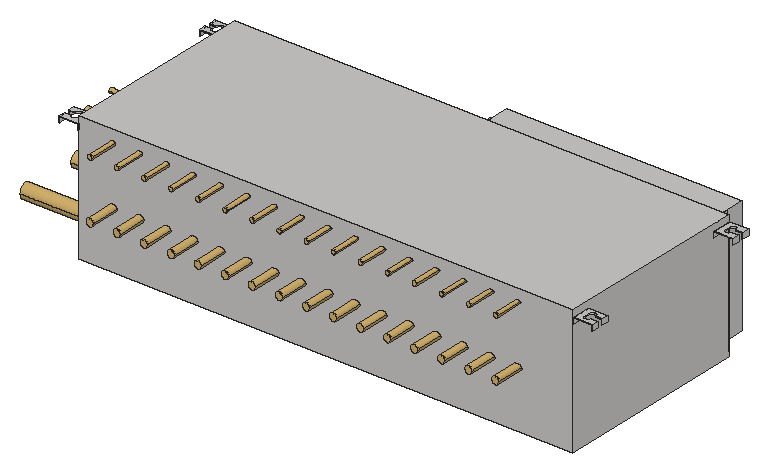
Revit family
Parameters (values of type "CMB-P1016NU-HB")
  Width = 1098.6 mm
  Subcategory = "HVAC"  # constant formula
  Specification URL = "http://www.mrslim.com/customerCare/resources.asp"
  Single Branch Max Capacity (BTUH) = "54000"
  Refrigerant Sub BC Controller ≤ 72,000 Btu/h Low Pressure Pipe = "3/4\" brazed"
  Refrigerant Sub BC Controller ≤ 72,000 Btu/h Liquid Pipe = "3/8\" brazed"
  Refrigerant Sub BC Controller ≤ 72,000 Btu/h High Pressure Pipe = "5/8\" brazed"
  Refrigerant Sub BC Controller between 73,000 and 108,000 Btu/h Low Pressure Pipe = "7/8\" brazed"
  Refrigerant Sub BC Controller between 73,000 and 108,000 Btu/h Liquid Pipe = "3/8\" brazed"
  Refrigerant Sub BC Controller between 73,000 and 108,000 Btu/h High Pressure Pipe = "3/4\" brazed"
  Refrigerant Sub BC Controller between 109,000 and 126,000 Btu/h Low Pressure Pipe = "1-1/8\" brazed"
  Refrigerant Sub BC Controller between 109,000 and 126,000 Btu/h Liquid Pipe = "1/2\" brazed"
  Refrigerant Sub BC Controller between 109,000 and 126,000 Btu/h High Pressure Pipe = "3/4\" brazed"
  Refrigerant Indoor Unit Liquid Pipe = "3/8\" flare"
  Refrigerant Indoor Unit Gas Pipe = "5/8\" flare"
  Max Connected Capacity (BTUH) = "126000"
  Manufacturer URL = "http://www.mrslim.com/customerCare/resources.asp"
  Installation URL = "http://www.mrslim.com/customerCare/resources.asp"
  External Finish = Galvanized Steel Plate
  SmartBIM Object Version = 3  # constant formula
  SmartBIM Object Created By = "Reed Construction Data"  # constant formula
  Refrigerant = "R410A"  # constant formula
  Power Source = "208/230, 1, 60"  # constant formula
  Power Input Heating = "0.157 kW/h"
  Power Input Cooling = "0.314 kW/h"
  Number of Ports = 16
  Unit Weight (LBS) = "136"
  Model = "CMB-P1016NU-HB"
  MCA = "1.89/1.71"
  MOCP = "15 A"
  Manufacturer = "Mitsubishi Electric"  # constant formula
  Joint Pipe Adapter (Port connector)(OPtion1) = "CMY-R160-J"  # constant formula
  Height = 284.2 mm
  Drainpipe Radius = Drainpipe Diameter / 2  # 15.9 mm
  Drainpipe Outdoor = "1-1/4\" "
  Drainpipe Diameter = 31.8 mm
  Description = "Branch Circuit Controller"  # constant formula
  Depth = 433.4 mm
  Default Elevation = 1219.2 mm
  Current Heating (208/230) = "0.59 /0.69 A"
  Current Cooling (208/230) = "1.17 /1.37 A"
  Pipe = Cold Brass
  Sub BC Controller Low Pressure Pipe Radius = Sub BC Controller Low Pressure Pipe Diameter / 2  # 9.55 mm
  Sub BC Controller Low Pressure Pipe Diameter = 19.1 mm
  Sub BC Controller Liquid Pipe Radius = Sub BC Controller Controller Liquid Pipe Diameter / 2  # 4.75 mm
  Sub BC Controller Controller Liquid Pipe Diameter = 9.5 mm
  Sub BC Controller High Pressure Pipe Radius = Sub BC Controller High Pressure Pipe Diameter / 2  # 7.95 mm
  Sub BC Controller High Pressure Pipe Diameter = 15.9 mm
  Indoor Unit Gas Pipe Radius = Indoor Unit Gas Pipe Diameter / 2  # 7.95 mm
  Indoor Unit Liquid Pipe Radius = Indoor Unit Liquid Pipe Diameter / 2  # 4.75 mm
  Indoor Unit Liquid Pipe Diameter = 9.5 mm
  Indoor Unit Gas Pipe Diameter = 15.9 mm
  Condensate Pump(Option3) = "SI1730-230"  # constant formula
  Branches = no
  Branch Joint (T-Branch)(Option2) = "CMY-102S-G"  # constant formula
  Assembly Code = "D3050200"
  95 CSI = "15760"  # constant formula
  04 CSI = "23 60 00"  # constant formula
Types (3, lengths in mm): name | Width | Refrigerant Sub BC Controller ≤ 72,000 Btu/h Liquid Pipe | Refrigerant Sub BC Controller ≤ 72,000 Btu/h High Pressure Pipe | Refrigerant Sub BC Controller between 109,000 and 126,000 Btu/h Liquid Pipe | Refrigerant Sub BC Controller between 109,000 and 126,000 Btu/h High Pressure Pipe | Refrigerant Indoor Unit Gas Pipe | Power Input Heating | Power Input Cooling | Number of Ports | Unit Weight (LBS) | Model | MCA | Height | Depth | Current Heating (208/230) | Current Cooling (208/230) | Branches
  CMB-P104NU-GB | 648.5 | "3/8\" brazed" | "5/8\" brazed" | "1/2\"  brazed" | "3/4\"  brazed" | "5/8\" flare" | "0.027 kW/h" | "0.053 kW/h" | 4 | "62" | "CMB-P104NU-GB" | "0.33/0.30" | 289.7 | 432.6 | "0.13 / 0.12 A" | "0.25 / 0.23 A" | yes
  CMB-P108NU-GB | 648.5 | "3/8\"  brazed" | "5/8\"  brazed" | "1/2\"  brazed" | "3/4\"  brazed" | "5/8\"  flare" | "0.053 kW/h" | "0.106 kW/h" | 8 | "82" | "CMB-P108NU-GB" | ".0.79 A" | 289.7 | 432.6 | "0.25 / 0.23 A" | "0.51 / 0.46 A" | no
  CMB-P1016NU-HB | 1098.6 | "3/8\" brazed" | "5/8\" brazed" | "1/2\" brazed" | "3/4\" brazed" | "5/8\" flare" | "0.157 kW/h" | "0.314 kW/h" | 16 | "136" | "CMB-P1016NU-HB" | "1.89/1.71" | 284.2 | 433.4 | "0.59 /0.69 A" | "1.17 /1.37 A" | no
Reference planes
  plane 1 "Center (Front/Back)": y = 83.043
  plane 2: z = 0
  plane 3 "Center (Left/Right)": x = 79.729
  plane 4: x = -469.571
  plane 5: x = 629.029
  plane 6: y = 299.743
  plane 7: y = -133.657
  plane 8: z = 284.2
  plane 9: z = 281.025
  plane 10: z = 3.175
  plane 11: x = -393.571
  plane 12: z = 257.2
  plane 13: x = -333.571
  plane 14: z = 127.2
  plane 15: y = 35.343
  plane 16: z = 239.2
  plane 17: y = -30.657
  plane 18: z = 226.2
  plane 19: y = 114.343
  plane 20: z = 156.2
  plane 21: y = -17.657
  plane 22: y = 110.343
  plane 23: y = 369.743
  plane 24: y = 306.093
  plane 25: x = 603.629
  plane 26: z = 271.5
  plane 27: z = 12.7
  plane 28: y = -197.657
  plane 29: z = 21.25
  plane 30: x = -669.571
  plane 31: x = -533.571
  plane 32: x = -273.571
  plane 33: x = -213.571
  plane 34: x = -153.571
  plane 35: x = -93.571
  plane 36: x = -33.571
  plane 37: x = 26.429
  plane 38: y = 549.743
  plane 39: y = 999.743
  plane 40: x = 429.029
  plane 41: x = -20.971
Forms (mm)
  Extrusion 1, solid, material "Galvanized Steel Plate" <- "External Finish"
    sketch origin (0, 0, 0) x (1, 0, 0) y (0, 1, 0)
      loop
        line (-469.571, 299.743) -> (-469.571, -133.657) -> (629.029, -133.657) -> (629.029, 299.743) -> (-469.571, 299.743)
      loop
        line (-466.396, 296.568) -> (-466.396, -130.482) -> (625.854, -130.482) -> (625.854, 296.568) -> (-466.396, 296.568)
    from 0 to 284.2
  Extrusion 2, solid, material "Galvanized Steel Plate" <- "External Finish"
    sketch origin (0, 0, 0) x (1, 0, 0) y (0, 1, 0)
      loop
        line (-469.571, 299.743) -> (-469.571, -133.657) -> (629.029, -133.657) -> (629.029, 299.743) -> (-469.571, 299.743)
    from 281.025 to 284.2
  Extrusion 3, solid, material "Galvanized Steel Plate" <- "External Finish"
    sketch origin (0, 0, 0) x (1, 0, 0) y (0, 1, 0)
      loop
        line (629.029, 299.743) -> (-469.571, 299.743) -> (-469.571, -133.657) -> (629.029, -133.657) -> (629.029, 299.743)
    from 0 to 3.175
  Extrusion 4, solid, material "Galvanized Steel Plate" <- "External Finish"
    sketch origin (0, 0, 0) x (1, 0, 0) y (0, 1, 0)
      loop
        line (79.729, 369.743) -> (79.729, 306.093) -> (603.629, 306.093) -> (603.629, 369.743) -> (79.729, 369.743)
    from 12.7 to 271.5
  Extrusion 5, solid, material "Galvanized Steel Plate" <- "External Finish"
    sketch origin (0, 0, 0) x (1, 0, 0) y (0, 1, 0)
      loop
        line (79.729, 325.143) -> (78.141, 325.143) -> (78.141, 301.331) -> (54.329, 301.331) -> (54.329, 299.743) -> (79.729, 299.743) -> (79.729, 325.143)
      loop
        line (603.629, 325.143) -> (603.629, 299.743) -> (629.029, 299.743) -> (629.029, 301.331) -> (605.217, 301.331) -> (605.217, 325.143) -> (603.629, 325.143)
    from 12.7 to 271.5
  Extrusion 6, solid, material "Cold Brass" <- "Pipe"
    sketch origin (-244.353, -97.963, -5.662) x (1, 0, 0) y (0, 0, 1)
      loop
        circle (-149.525, 132.862) r 7.95
    from 35.694 to 99.694
  Extrusion 7, solid, material "Cold Brass" <- "Pipe"
    sketch origin (-244.202, -97.963, 0.2) x (1, 0, 0) y (0, 0, 1)
      loop
        circle (-149.525, 257) r 4.75
    from 35.694 to 99.694
  Extrusion 8, solid, material "Cold Brass" <- "Pipe"
    sketch origin (-469.571, 299.743, 0) x (0, -1, 0) y (0, 0, 1)
      loop
        circle (330.4, 21.25) r 15.9
    from 0 to 200
  Extrusion 9, solid, material "Cold Brass" <- "Pipe"
    sketch origin (-469.571, 444.743, 0) x (0, -1, 0) y (0, 0, 1)
      loop
        circle (334.4, 21.25) r 15.9
    from 0 to 200
  Extrusion 10, solid, material "Cold Brass" <- "Pipe"
    sketch origin (79.729, 0, 0) x (0, 1, 0) y (0, 0, 1)
      loop
        circle (114.343, 156.2) r 7.95
    from -613.3 to -549.3
  Extrusion 11, solid, material "Cold Brass" <- "Pipe"
    sketch origin (79.729, 0, 0) x (0, 1, 0) y (0, 0, 1)
      loop
        circle (35.343, 239.2) r 4.75
    from -613.3 to -549.3
  Extrusion 12, solid, material "Cold Brass" <- "Pipe"
    sketch origin (79.729, 0, 0) x (0, 1, 0) y (0, 0, 1)
      loop
        circle (-30.657, 226.2) r 9.55
    from -613.3 to -549.3
  Extrusion 13, solid, material "Cold Brass" <- "Pipe"
    sketch origin (-184.202, -97.706, 0.2) x (1, 0, 0) y (0, 0, 1)
      loop
        circle (-149.525, 257) r 4.75
    from 35.694 to 99.694
  Extrusion 14, solid, material "Cold Brass" <- "Pipe"
    sketch origin (-124.202, -97.448, 0.2) x (1, 0, 0) y (0, 0, 1)
      loop
        circle (-149.525, 257) r 4.75
    from 35.694 to 99.694
  Extrusion 15, solid, material "Cold Brass" <- "Pipe"
    sketch origin (-64.202, -97.19, 0.2) x (1, 0, 0) y (0, 0, 1)
      loop
        circle (-149.525, 257) r 4.75
    from 35.694 to 99.694
  Extrusion 16, solid, material "Cold Brass" <- "Pipe"
    sketch origin (-184.353, -97.736, -5.662) x (1, 0, 0) y (0, 0, 1)
      loop
        circle (-149.525, 132.862) r 7.95
    from 35.694 to 99.694
  Extrusion 17, solid, material "Cold Brass" <- "Pipe"
    sketch origin (-124.353, -97.509, -5.662) x (1, 0, 0) y (0, 0, 1)
      loop
        circle (-149.525, 132.862) r 7.95
    from 35.694 to 99.694
  Extrusion 18, solid, material "Cold Brass" <- "Pipe"
    sketch origin (-64.353, -97.281, -5.662) x (1, 0, 0) y (0, 0, 1)
      loop
        circle (-149.525, 132.862) r 7.95
    from 35.694 to 99.694
  Extrusion 19, solid, material "Cold Brass" <- "Pipe"
    sketch origin (-4.202, -96.933, 0.2) x (1, 0, 0) y (0, 0, 1)
      loop
        circle (-149.525, 257) r 4.75
    from 35.694 to 99.694
  Extrusion 20, solid, material "Cold Brass" <- "Pipe"
    sketch origin (55.798, -96.675, 0.2) x (1, 0, 0) y (0, 0, 1)
      loop
        circle (-149.525, 257) r 4.75
    from 35.694 to 99.694
  Extrusion 21, solid, material "Cold Brass" <- "Pipe"
    sketch origin (115.798, -96.417, 0.2) x (1, 0, 0) y (0, 0, 1)
      loop
        circle (-149.525, 257) r 4.75
    from 35.694 to 99.694
  Extrusion 22, solid, material "Cold Brass" <- "Pipe"
    sketch origin (175.798, -96.16, 0.2) x (1, 0, 0) y (0, 0, 1)
      loop
        circle (-149.525, 257) r 4.75
    from 35.694 to 99.694
  Extrusion 23, solid, material "Cold Brass" <- "Pipe"
    sketch origin (-4.353, -97.054, -5.662) x (1, 0, 0) y (0, 0, 1)
      loop
        circle (-149.525, 132.862) r 7.95
    from 35.694 to 99.694
  Extrusion 24, solid, material "Cold Brass" <- "Pipe"
    sketch origin (55.647, -96.826, -5.662) x (1, 0, 0) y (0, 0, 1)
      loop
        circle (-149.525, 132.862) r 7.95
    from 35.694 to 99.694
  Extrusion 25, solid, material "Cold Brass" <- "Pipe"
    sketch origin (115.647, -96.599, -5.662) x (1, 0, 0) y (0, 0, 1)
      loop
        circle (-149.525, 132.862) r 7.95
    from 35.694 to 99.694
  Extrusion 26, solid, material "Cold Brass" <- "Pipe"
    sketch origin (175.647, -96.371, -5.662) x (1, 0, 0) y (0, 0, 1)
      loop
        circle (-149.525, 132.862) r 7.95
    from 35.694 to 99.694
  Extrusion 27, solid, material "Cold Brass" <- "Pipe"
    sketch origin (235.798, -95.902, 0.2) x (1, 0, 0) y (0, 0, 1)
      loop
        circle (-149.525, 257) r 4.75
    from 35.694 to 99.694
  Extrusion 28, solid, material "Cold Brass" <- "Pipe"
    sketch origin (295.798, -95.644, 0.2) x (1, 0, 0) y (0, 0, 1)
      loop
        circle (-149.525, 257) r 4.75
    from 35.694 to 99.694
  Extrusion 29, solid, material "Cold Brass" <- "Pipe"
    sketch origin (355.798, -95.387, 0.2) x (1, 0, 0) y (0, 0, 1)
      loop
        circle (-149.525, 257) r 4.75
    from 35.694 to 99.694
  Extrusion 30, solid, material "Cold Brass" <- "Pipe"
    sketch origin (415.798, -95.129, 0.2) x (1, 0, 0) y (0, 0, 1)
      loop
        circle (-149.525, 257) r 4.75
    from 35.694 to 99.694
  Extrusion 31, solid, material "Cold Brass" <- "Pipe"
    sketch origin (475.798, -94.871, 0.2) x (1, 0, 0) y (0, 0, 1)
      loop
        circle (-149.525, 257) r 4.75
    from 35.694 to 99.694
  Extrusion 32, solid, material "Cold Brass" <- "Pipe"
    sketch origin (535.798, -94.614, 0.2) x (1, 0, 0) y (0, 0, 1)
      loop
        circle (-149.525, 257) r 4.75
    from 35.694 to 99.694
  Extrusion 33, solid, material "Cold Brass" <- "Pipe"
    sketch origin (595.798, -94.356, 0.2) x (1, 0, 0) y (0, 0, 1)
      loop
        circle (-149.525, 257) r 4.75
    from 35.694 to 99.694
  Extrusion 34, solid, material "Cold Brass" <- "Pipe"
    sketch origin (655.798, -94.098, 0.2) x (1, 0, 0) y (0, 0, 1)
      loop
        circle (-149.525, 257) r 4.75
    from 35.694 to 99.694
  Extrusion 35, solid, material "Cold Brass" <- "Pipe"
    sketch origin (235.647, -96.144, -5.662) x (1, 0, 0) y (0, 0, 1)
      loop
        circle (-149.525, 132.862) r 7.95
    from 35.694 to 99.694
  Extrusion 36, solid, material "Cold Brass" <- "Pipe"
    sketch origin (295.647, -95.916, -5.662) x (1, 0, 0) y (0, 0, 1)
      loop
        circle (-149.525, 132.862) r 7.95
    from 35.694 to 99.694
  Extrusion 37, solid, material "Cold Brass" <- "Pipe"
    sketch origin (355.647, -95.689, -5.662) x (1, 0, 0) y (0, 0, 1)
      loop
        circle (-149.525, 132.862) r 7.95
    from 35.694 to 99.694
  Extrusion 38, solid, material "Cold Brass" <- "Pipe"
    sketch origin (415.647, -95.462, -5.662) x (1, 0, 0) y (0, 0, 1)
      loop
        circle (-149.525, 132.862) r 7.95
    from 35.694 to 99.694
  Extrusion 39, solid, material "Cold Brass" <- "Pipe"
    sketch origin (475.647, -95.234, -5.662) x (1, 0, 0) y (0, 0, 1)
      loop
        circle (-149.525, 132.862) r 7.95
    from 35.694 to 99.694
  Extrusion 40, solid, material "Cold Brass" <- "Pipe"
    sketch origin (535.647, -95.007, -5.662) x (1, 0, 0) y (0, 0, 1)
      loop
        circle (-149.525, 132.862) r 7.95
    from 35.694 to 99.694
  Extrusion 41, solid, material "Cold Brass" <- "Pipe"
    sketch origin (595.647, -94.779, -5.662) x (1, 0, 0) y (0, 0, 1)
      loop
        circle (-149.525, 132.862) r 7.95
    from 35.694 to 99.694
  Extrusion 42, solid, material "Cold Brass" <- "Pipe"
    sketch origin (655.647, -94.552, -5.662) x (1, 0, 0) y (0, 0, 1)
      loop
        circle (-149.525, 132.862) r 7.95
    from 35.694 to 99.694
Cuts and joins
  joined: Extrusion 1, Extrusion 2, Extrusion 3
Lines and regions (mm)
  symbolic lines, style "Clearances"
    curve 1: line (-669.571, -133.657, 0) -> (629.029, -133.657, 0)
    curve 2: line (-669.571, 999.743, 0) -> (-669.571, -133.657, 0)
    curve 3: line (629.029, 999.743, 0) -> (-669.571, 999.743, 0)
    curve 4: line (629.029, -133.657, 0) -> (629.029, 999.743, 0)
    curve 5: line (429.029, 999.743, 0) -> (429.029, 549.743, 0)
    curve 6: line (429.029, 549.743, 0) -> (-20.971, 549.743, 0)
    curve 7: line (-20.971, 549.743, 0) -> (-20.971, 999.743, 0)
    curve 8: line (-20.971, 549.743, 0) -> (429.029, 999.743, 0)
    curve 9: line (429.029, 549.743, 0) -> (-20.971, 999.743, 0)
    curve 10: line (-469.571, -133.657, 0) -> (-469.571, 299.743, 0)
    curve 11: line (-469.571, 299.743, 0) -> (629.029, 299.743, 0)
Dimensions and locks
  equal spacing: plane 4, plane 3 "Center (Left/Right)", plane 5
  "Width": plane 4 to plane 5
  equal spacing: plane 6, plane 1 "Center (Front/Back)", plane 7
  "Depth": plane 6 to plane 7
  "Height": plane 8 to plane 2
  locked: Extrusion 1 sketch curve to plane 5 at 3.175
  locked: plane 6 to Extrusion 1 sketch curve at 3.175
  locked: plane 4 to Extrusion 1 sketch curve at 3.175
  locked: Extrusion 1 sketch curve to plane 7 at 3.175
  locked: plane 8 to plane 9 at 3.175
  locked: plane 10 to plane 2 at 3.175
  locked: plane 11 to plane 4 at 76
  locked: plane 8 to plane 12 at 27
  locked: plane 8 to plane 16 at 45
  locked: plane 15 to plane 7 at 169
  locked: plane 12 to plane 14 at 130
  locked: plane 17 to plane 7 at 103
  locked: plane 8 to plane 18 at 58
  locked: plane 19 to plane 7 at 248
  locked: plane 8 to plane 20 at 128
  locked: plane 21 to plane 7 at 116
  locked: plane 22 to plane 21 at 128
  locked: plane 23 to plane 6 at 70
  locked: plane 24 to plane 6 at 6.35
  locked: plane 25 to plane 5 at 25.4
  locked: plane 8 to plane 26 at 12.7
  locked: plane 27 to plane 2 at 12.7
  Extrusion 5 sketch curve to Extrusion 5 sketch curve to plane 3 "Center (Left/Right)" = 23.812 mm locked, 1.588 mm locked
  Extrusion 5 sketch curve to Extrusion 5 sketch curve to plane 6 = 23.812 mm locked, 1.588 mm locked
  locked: plane 25 to Extrusion 5 sketch curve at 1.588
  locked: plane 7 to plane 28 at 64
  locked: plane 29 to plane 2 at 21.25
  locked: plane 30 to plane 4 at 200
  locked: plane 31 to plane 4 at 64
  plane 37 to plane 36 to plane 35 to plane 34 to plane 33 to plane 32 to plane 13 to plane 11 = 60 mm locked, 60 mm locked, 60 mm locked, 60 mm locked, 60 mm locked, 60 mm locked, 60 mm locked
  locked: Extrusion 7 to plane 11 at 4.594
  equal spacing: group 1, group 2, group 3, group 4, group 9, group 10, group 11, group 12, group 17, group 18, group 19, group 20, group 21, group 22, group 23, group 24  (x3)
  locked: Extrusion 13 to plane 13 at 4.594
  locked: Extrusion 6 to plane 11 at 7.643
  equal spacing: group 5, group 6, group 7, group 8, group 13, group 14, group 15, group 16, group 25, group 26, group 27, group 28, group 29, group 30, group 31, group 32  (x3)
  locked: Extrusion 16 to plane 13 at 7.643
  locked: plane 40 to plane 5 at 200
  locked: plane 41 to plane 40 at 450
  locked: plane 39 to plane 6 at 700
  locked: plane 39 to plane 38 at 450
  "Indoor Unit Gas Pipe Radius": radius of Extrusion 6 sketch curve
  "Indoor Unit Liquid Pipe Radius": radius of Extrusion 7 sketch curve
  "Drainpipe Radius": radius of Extrusion 8 sketch curve
  "Drainpipe Radius": radius of Extrusion 9 sketch curve
  "Sub BC Controller High Pressure Pipe Radius": radius of Extrusion 10 sketch curve
  "Sub BC Controller Low Pressure Pipe Radius": radius of Extrusion 12 sketch curve
  "Sub BC Controller Liquid Pipe Radius": radius of Extrusion 11 sketch curve
  "Indoor Unit Liquid Pipe Radius": radius of Extrusion 13 sketch curve
  "Indoor Unit Liquid Pipe Radius": radius of Extrusion 14 sketch curve
  "Indoor Unit Liquid Pipe Radius": radius of Extrusion 15 sketch curve
  "Indoor Unit Gas Pipe Radius": radius of Extrusion 16 sketch curve
  "Indoor Unit Gas Pipe Radius": radius of Extrusion 17 sketch curve
  "Indoor Unit Gas Pipe Radius": radius of Extrusion 18 sketch curve
  "Indoor Unit Liquid Pipe Radius": radius of Extrusion 19 sketch curve
  "Indoor Unit Liquid Pipe Radius": radius of Extrusion 20 sketch curve
  "Indoor Unit Liquid Pipe Radius": radius of Extrusion 21 sketch curve
  "Indoor Unit Liquid Pipe Radius": radius of Extrusion 22 sketch curve
  "Indoor Unit Gas Pipe Radius": radius of Extrusion 23 sketch curve
  "Indoor Unit Gas Pipe Radius": radius of Extrusion 24 sketch curve
  "Indoor Unit Gas Pipe Radius": radius of Extrusion 25 sketch curve
  "Indoor Unit Gas Pipe Radius": radius of Extrusion 26 sketch curve
  "Indoor Unit Liquid Pipe Radius": radius of Extrusion 27 sketch curve
  "Indoor Unit Liquid Pipe Radius": radius of Extrusion 28 sketch curve
  "Indoor Unit Liquid Pipe Radius": radius of Extrusion 29 sketch curve
  "Indoor Unit Liquid Pipe Radius": radius of Extrusion 30 sketch curve
  "Indoor Unit Liquid Pipe Radius": radius of Extrusion 31 sketch curve
  "Indoor Unit Liquid Pipe Radius": radius of Extrusion 32 sketch curve
  "Indoor Unit Liquid Pipe Radius": radius of Extrusion 33 sketch curve
  "Indoor Unit Liquid Pipe Radius": radius of Extrusion 34 sketch curve
  "Indoor Unit Gas Pipe Radius": radius of Extrusion 35 sketch curve
  "Indoor Unit Gas Pipe Radius": radius of Extrusion 36 sketch curve
  "Indoor Unit Gas Pipe Radius": radius of Extrusion 37 sketch curve
  "Indoor Unit Gas Pipe Radius": radius of Extrusion 38 sketch curve
  "Indoor Unit Gas Pipe Radius": radius of Extrusion 39 sketch curve
  "Indoor Unit Gas Pipe Radius": radius of Extrusion 40 sketch curve
  "Indoor Unit Gas Pipe Radius": radius of Extrusion 41 sketch curve
  "Indoor Unit Gas Pipe Radius": radius of Extrusion 42 sketch curve
  aligned and locked: level to plane 2
  aligned and locked: Extrusion 1 sketch curve to plane 6
  aligned and locked: plane 4 to Extrusion 1 sketch curve
  aligned and locked: plane 7 to Extrusion 1 sketch curve
  aligned and locked: Extrusion 1 sketch curve to plane 5
  aligned and locked: plane 8 to Extrusion 1
  aligned and locked: Extrusion 1 to plane 2
  aligned and locked: Extrusion 2 sketch curve to Extrusion 1  (x4)
  aligned and locked: plane 8 to Extrusion 2
  aligned and locked: Extrusion 2 to plane 9
  aligned and locked: Extrusion 3 sketch curve to Extrusion 2  (x4)
  aligned and locked: Extrusion 3 to plane 2
  aligned and locked: plane 10 to Extrusion 3
  aligned and locked: plane 6 to nested 1
  aligned and locked: nested 1 to plane 12
  aligned and locked: plane 12 to nested 2
  aligned and locked: plane 7 to nested 2
  aligned and locked: nested 4 to plane 12
  aligned and locked: plane 12 to nested 3
  aligned and locked: nested 4 to plane 7
  aligned and locked: nested 4 to plane 5
  aligned and locked: plane 5 to nested 3
  aligned and locked: nested 3 to plane 6
  aligned and locked: plane 4 to nested 1
  aligned and locked: nested 2 to plane 4
  aligned and locked: Extrusion 4 sketch curve to plane 23
  aligned and locked: Extrusion 4 sketch curve to plane 3 "Center (Left/Right)"
  aligned and locked: Extrusion 4 sketch curve to plane 25
  aligned and locked: Extrusion 4 sketch curve to plane 24
  aligned and locked: Extrusion 4 to plane 27
  aligned and locked: plane 26 to Extrusion 4
  aligned and locked: Extrusion 5 sketch curve to plane 3 "Center (Left/Right)"
  aligned and locked: Extrusion 5 sketch curve to plane 6
  aligned and locked: Extrusion 5 sketch curve to Extrusion 4
  aligned and locked: plane 6 to Extrusion 5 sketch curve
  aligned and locked: Extrusion 5 sketch curve to Extrusion 5 sketch curve  (x2)
  aligned and locked: plane 5 to Extrusion 5 sketch curve
  aligned and locked: plane 26 to Extrusion 5
  aligned and locked: Extrusion 5 to plane 27
  aligned and locked: plane 7 to Extrusion 6
  aligned and locked: Extrusion 6 to plane 28
  aligned and locked: plane 7 to Extrusion 7
  aligned and locked: Extrusion 7 to plane 28
  aligned and locked: plane 12 to Extrusion 7  (x2)
  aligned and locked: plane 29 to Extrusion 8 sketch curve
  aligned and locked: plane 17 to Extrusion 8 sketch curve
  aligned and locked: plane 4 to Extrusion 8
  aligned and locked: Extrusion 8 to plane 30
  aligned and locked: plane 29 to Extrusion 9 sketch curve
  aligned and locked: plane 22 to Extrusion 9 sketch curve
  aligned and locked: plane 20 to Extrusion 10 sketch curve
  aligned and locked: plane 19 to Extrusion 10 sketch curve
  aligned and locked: plane 4 to Extrusion 10
  aligned and locked: Extrusion 10 to plane 31
  aligned and locked: plane 16 to Extrusion 11 sketch curve
  aligned and locked: plane 15 to Extrusion 11 sketch curve
  aligned and locked: plane 4 to Extrusion 11
  aligned and locked: Extrusion 11 to plane 31
  aligned and locked: plane 18 to Extrusion 12 sketch curve
  aligned and locked: plane 17 to Extrusion 12 sketch curve
  aligned and locked: plane 4 to Extrusion 12
  aligned and locked: Extrusion 12 to plane 31
  aligned and locked: Extrusion 7 to plane 7  (x2)
  aligned and locked: Extrusion 6 to plane 7  (x3)
  aligned and locked: plane 28 to Extrusion 6
  aligned and locked: plane 28 to Extrusion 7
  aligned and locked: plane 12 to Extrusion 13
  aligned and locked: plane 14 to Extrusion 6
  aligned and locked: plane 14 to Extrusion 16
  aligned and locked: plane 4 to curve 10
  aligned and locked: plane 6 to curve 11
  aligned and locked: plane 7 to curve 1
  aligned and locked: plane 30 to curve 2
  aligned and locked: plane 39 to curve 3
  aligned and locked: plane 41 to curve 7
  aligned and locked: plane 38 to curve 6
  aligned and locked: plane 40 to curve 5
  aligned and locked: plane 5 to curve 4
Automatic sketch dimensions
  curve 8 to plane 39 = 0 mm
Nested families
  nested 1: "Family6" at (-491.571, 278.743, 257.2), type "Family6"
  nested 2: "Family6" at (-491.571, -112.657, 257.2), type "Family6"
  nested 3: "Family6" at (651.029, 278.743, 257.2) x (-1, 0, 0) z (0, 0, 1), type "Family6"
  nested 4: "Family6" at (651.029, -112.657, 257.2) x (-1, 0, 0) z (0, 0, 1), type "Family6"
Connectors
  piping at (-669.571, 110.343, 21.25), driven by "Drainpipe Radius"
    settings: on Extrusion 9, index 1
  piping at (-669.571, -30.657, 21.25), driven by "Drainpipe Radius"
    settings: on Extrusion 8, index 2
  piping at (-393.727, -197.657, 257.2), driven by "Indoor Unit Liquid Pipe Radius"
    settings: on Extrusion 7, index 870
  piping at (-393.878, -197.657, 127.2), driven by "Indoor Unit Gas Pipe Radius"
    settings: on Extrusion 6, index 856
  piping at (-533.571, 35.343, 239.2), driven by "Sub BC Controller Liquid Pipe Radius"
    settings: on Extrusion 11, index 19
  piping at (-533.571, 114.343, 156.2), driven by "Sub BC Controller High Pressure Pipe Radius"
    settings: on Extrusion 10, index 20
  piping at (-533.571, -30.657, 226.2), driven by "Sub BC Controller Low Pressure Pipe Radius"
    settings: on Extrusion 12, index 21
  electrical at (341.679, 369.743, 142.1)
    settings: on Extrusion 4, index 22
  piping at (-333.727, -197.399, 257.2), driven by "Indoor Unit Liquid Pipe Radius"
    settings: on Extrusion 13, index 871
  piping at (-273.727, -197.142, 257.2), driven by "Indoor Unit Liquid Pipe Radius"
    settings: on Extrusion 14, index 872
  piping at (-213.727, -196.884, 257.2), driven by "Indoor Unit Liquid Pipe Radius"
    settings: on Extrusion 15, index 873
  piping at (-333.878, -197.43, 127.2), driven by "Indoor Unit Gas Pipe Radius"
    settings: on Extrusion 16, index 857
  piping at (-273.878, -197.202, 127.2), driven by "Indoor Unit Gas Pipe Radius"
    settings: on Extrusion 17, index 858
  piping at (-213.878, -196.975, 127.2), driven by "Indoor Unit Gas Pipe Radius"
    settings: on Extrusion 18, index 859
  piping at (-153.727, -196.626, 257.2), driven by "Indoor Unit Liquid Pipe Radius"
    settings: on Extrusion 19, index 874
  piping at (-93.727, -196.369, 257.2), driven by "Indoor Unit Liquid Pipe Radius"
    settings: on Extrusion 20, index 875
  piping at (-33.727, -196.111, 257.2), driven by "Indoor Unit Liquid Pipe Radius"
    settings: on Extrusion 21, index 876
  piping at (26.273, -195.853, 257.2), driven by "Indoor Unit Liquid Pipe Radius"
    settings: on Extrusion 22, index 844
  piping at (-153.878, -196.747, 127.2), driven by "Indoor Unit Gas Pipe Radius"
    settings: on Extrusion 23, index 860
  piping at (-93.878, -196.52, 127.2), driven by "Indoor Unit Gas Pipe Radius"
    settings: on Extrusion 24, index 861
  piping at (-33.878, -196.293, 127.2), driven by "Indoor Unit Gas Pipe Radius"
    settings: on Extrusion 25, index 862
  piping at (26.122, -196.065, 127.2), driven by "Indoor Unit Gas Pipe Radius"
    settings: on Extrusion 26, index 848
  piping at (86.273, -195.596, 257.2), driven by "Indoor Unit Liquid Pipe Radius"
    settings: on Extrusion 27, index 877
  piping at (146.273, -195.338, 257.2), driven by "Indoor Unit Liquid Pipe Radius"
    settings: on Extrusion 28, index 878
  piping at (206.273, -195.08, 257.2), driven by "Indoor Unit Liquid Pipe Radius"
    settings: on Extrusion 29, index 879
  piping at (266.273, -194.823, 257.2), driven by "Indoor Unit Liquid Pipe Radius"
    settings: on Extrusion 30, index 880
  piping at (326.273, -194.565, 257.2), driven by "Indoor Unit Liquid Pipe Radius"
    settings: on Extrusion 31, index 881
  piping at (386.273, -194.307, 257.2), driven by "Indoor Unit Liquid Pipe Radius"
    settings: on Extrusion 32, index 882
  piping at (446.273, -194.05, 257.2), driven by "Indoor Unit Liquid Pipe Radius"
    settings: on Extrusion 33, index 883
  piping at (506.273, -193.792, 257.2), driven by "Indoor Unit Liquid Pipe Radius"
    settings: on Extrusion 34, index 884
  piping at (86.122, -195.838, 127.2), driven by "Indoor Unit Gas Pipe Radius"
    settings: on Extrusion 35, index 885
  piping at (146.122, -195.61, 127.2), driven by "Indoor Unit Gas Pipe Radius"
    settings: on Extrusion 36, index 886
  piping at (206.122, -195.383, 127.2), driven by "Indoor Unit Gas Pipe Radius"
    settings: on Extrusion 37, index 887
  piping at (266.122, -195.155, 127.2), driven by "Indoor Unit Gas Pipe Radius"
    settings: on Extrusion 38, index 888
  piping at (326.122, -194.928, 127.2), driven by "Indoor Unit Gas Pipe Radius"
    settings: on Extrusion 39, index 889
  piping at (386.122, -194.7, 127.2), driven by "Indoor Unit Gas Pipe Radius"
    settings: on Extrusion 40, index 890
  piping at (446.122, -194.473, 127.2), driven by "Indoor Unit Gas Pipe Radius"
    settings: on Extrusion 41, index 891
  piping at (506.122, -194.246, 127.2), driven by "Indoor Unit Gas Pipe Radius"
    settings: on Extrusion 42, index 892
Definition of nested family "Family6"
  Parameters
    Clamp = Clamp
  Reference planes
    plane 1 "Center (Front/Back)": y = 0
    plane 2: z = 0
    plane 3 "Center (Left/Right)": x = 0
  Forms (mm)
    Extrusion 1, solid, material "Clamp" <- "Clamp"
      sketch origin (0, 0, 0) x (1, 0, 0) y (0, 1, 0)
        loop
          line (7, 6) -> (7, -6)
          arc (7, -6) -> (0, -13) -> (-7, -6) r 7
          line (-7, -6) -> (-22, -6) -> (-22, -21) -> (22, -21) -> (22, 21) -> (-22, 21) -> (-22, 6) -> (-7, 6)
          arc (-7, 6) -> (0, 13) -> (7, 6) r 7
      from 11.153 to 12.74
    Extrusion 2, solid, material "Clamp" <- "Clamp"
      sketch origin (0, 0, 0) x (1, 0, 0) y (0, 1, 0)
        loop
          line (-20.412, 21) -> (-22, 21) -> (-22, 6) -> (-20.412, 6) -> (-20.412, 21)
        loop
          line (-22, -21) -> (-20.412, -21) -> (-20.412, -6) -> (-22, -6) -> (-22, -21)
        loop
          line (22, -21) -> (22, 21) -> (20.412, 21) -> (20.412, -21) -> (22, -21)
      from 0 to 12.74
  Cuts and joins
    joined: Extrusion 1, Extrusion 2
  Dimensions and locks
    Extrusion 1 sketch curve to plane 3 "Center (Left/Right)" to Extrusion 1 sketch curve = 22 mm locked, 22 mm locked
    Extrusion 1 sketch curve to Extrusion 1 sketch curve to plane 1 "Center (Front/Back)" to Extrusion 1 sketch curve to Extrusion 1 sketch curve = 15 mm locked, 6 mm locked, 6 mm locked, 15 mm locked
    locked: Extrusion 1 sketch curve to Extrusion 1 sketch curve at 15  (x2)
    locked: Extrusion 1 sketch curve to plane 1 "Center (Front/Back)" at 13
    locked: plane 1 "Center (Front/Back)" to Extrusion 1 sketch curve at 13
    locked: Extrusion 1 to Extrusion 1 at 1.588
    locked: cut or joined group of Extrusion 1, Extrusion 2 to cut or joined group of Extrusion 1, Extrusion 2 at 1.588  (x2)
    aligned and locked: Extrusion 1 sketch curve to Extrusion 1 sketch curve
    aligned and locked: Extrusion 1 to Extrusion 2 sketch curve
    aligned and locked: Extrusion 2 sketch curve to Extrusion 1
    aligned and locked: Extrusion 1 to Extrusion 2
    aligned and locked: Extrusion 2 to level
